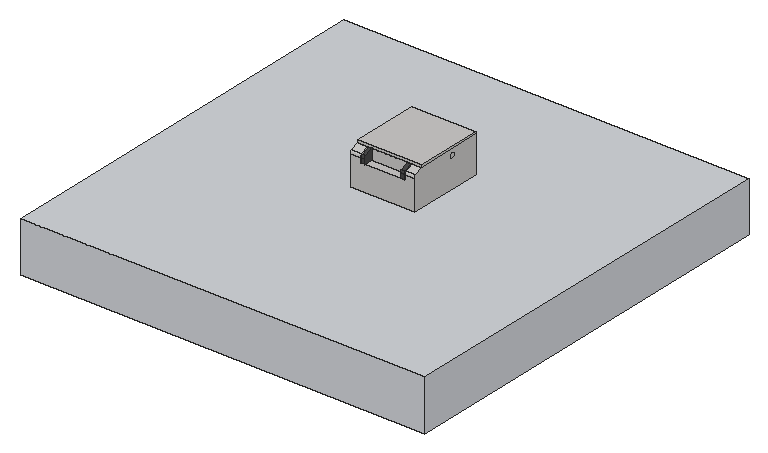
Revit family
Parameters (values of type "B-2974")
  Warranty Duration (Years) = 0
  Unit Width = 1' - 3 3/16"
  Unit Height = 1' - 6 1/4"
  Unit Depth = 0' - 9 1/16"
  URL = "http://www.bobrick.com/Pages/default.aspx"
  Test Data = ""
  Specification = ""
  SpecWizard = ""
  Send Message = "http://www.arcat.com/users.pl?action=UserEmail&company=Bobrick+Washroom+Equipment,+Inc.&coid=30988&rep=156&fax=818-503-1930&mf="
  Sales Information = "http://www.bobrick.com/Pages/ContactUs.aspx"
  Revision = "R1_10_2012"
  Product Properties = ""
  Product Data = "http://arcat.com/arcatcos/cos30/arc30988.html?isac=1&r=1"
  Mounting Height [instance] = 5' - 0"
  Model = "B-2974"
  Manufacturer Website = "http://www.bobrick.com/Pages/default.aspx"
  Manufacturer Phone - Toll Free = ""
  Manufacturer Phone = "818-764-1000"
  Manufacturer Fax = "818-503-1930"
  Manufacturer Address = "11611 Hart St. North Hollywood, CA 91605-5882"
  Manufacturer = "Bobrick Washroom Equipment, Inc."
  Maintenance Schedule (Months) = 0
  Keynote = "102813"
  Installation-Fabrication = "http://www.bobrick.com/washroomaccessories/Pages/WashroomAccessories.aspx"
  Installation Phase = ""
  Finish Material = Stainless Steel - Bobrick - Satin
  Green Building-LEED = ""
  Expected Lifespan (Years) = 0
  Drawn By = "Sumex Design, Inc. / Robert S. Weygant, CSI, CDT, SCIP"
  Description = "Bobrick B-2974 Surface Mounted Automatic Paper Towel Dispenser"
  Default Elevation = 4' - 0"
  Copyright = "©Arcat Inc."
  Construction Details = ""
  Capacity = "8\" Diameter 8\" Wide Paper Towel Roll"
  Building Codes = ""
  Assembly Code = "E1090900"
  Accessory Material = Plastic -  Bobrick - Black
  6V DC Power Supply [instance] = no
  4 D-sized Alkaline Batteries [instance] = yes
Reference planes (in)
  plane 1 "Center (Front/Back)": y = 8.60119
  plane 2: z = 0
  plane 3 "Center (Left/Right)": x = 0
  plane 4: y = 17.72619
  plane 5: y = -0.52381
  plane 6: x = -7.59375
  plane 7: x = 7.59375
  plane 8: z = 9.0625
  plane 9 "FF": y = -42.27381
Forms (in)
  Extrusion 1, solid
    sketch origin (0, 0, 0) x (1, 0, 0) y (0, 1, 0)
      loop
        line (-48, 48) -> (-48, -48) -> (48, -48) -> (48, 48) -> (-48, 48)
    from 0 to -12
  Extrusion 2, solid, material "Stainless Steel - Bobrick - Satin" <- "Finish Material"
    sketch origin (0, 0, 0) x (0, 1, 0) y (0, 0, 1)
      loop
        line (17.72619, 8.5625) -> (1.60354, 8.5625) -> (-0.17507, 7.71777)
        arc (-0.17507, 7.71777) -> (-0.42931, 7.49241) -> (-0.52381, 7.16606) r 0.61077
        line (-0.52381, 7.16606) -> (-0.52381, 0) -> (17.72619, 0) -> (17.72619, 8.5625)
    from -7.59375 to 7.59375
  Extrusion 3, solid, material "Stainless Steel - Bobrick - Satin" <- "Finish Material"
    sketch origin (0, 0, 0) x (0, 1, 0) y (0, 0, 1)
      loop
        line (17.72619, 9.0625) -> (1.60354, 9.0625) -> (1.60354, 8.5625) -> (17.72619, 8.5625) -> (17.72619, 9.0625)
    from -7.59375 to 7.59375
  Extrusion 4, void
    sketch origin (0, 0, 0) x (1, 0, 0) y (0, 1, 0)
      loop
        line (-4.21875, 1.60354) -> (-4.21875, -0.52381) -> (4.21875, -0.52381) -> (4.21875, 1.60354) -> (-4.21875, 1.60354)
    from 6.02047 to 12
  Extrusion 5, solid, material "Plastic -  Bobrick - Black" <- "Accessory Material"
    sketch origin (0, 0, 0) x (0, 1, 0) y (0, 0, 1)
      loop
        line (1.60354, 8.5625) -> (-0.17507, 7.71777)
        arc (-0.17507, 7.71777) -> (-0.42931, 7.49241) -> (-0.52381, 7.16606) r 0.61077
        line (-0.52381, 7.16606) -> (-0.52381, 6.02047) -> (1.60354, 6.02047) -> (1.60354, 8.5625)
    from -5.17187 to 5.17188
  Extrusion 6, void
    sketch origin (0, 0, 0) x (1, 0, 0) y (0, 1, 0)
      loop
        line (-5.17187, 1.60354) -> (-5.17187, -0.52381) -> (5.17188, -0.52381) -> (5.17188, 1.60354) -> (-5.17187, 1.60354)
    from 6.02047 to 12
  Extrusion 7, solid, material "Stainless Steel - Bobrick - Satin" <- "Finish Material"
    sketch origin (0, 0, 0) x (0, 1, 0) y (0, 0, 1)
      loop
        circle (10.47286, 7.37988) r 0.5
    from 7.59375 to 7.7039
Cuts and joins
  Extrusion 6 cuts Extrusion 2
  joined: Extrusion 2, Extrusion 7
  Extrusion 4, Extrusion 6 cuts Extrusion 3
  Extrusion 4 cuts Extrusion 5
Lines and regions (in)
  symbolic lines, style "SpecialityEquipmentHiddenLines"
    curve 1: line (7.59375, 17.72619, 0) -> (-7.59375, 9.66486, 0)
    curve 2: line (-7.59375, 9.66486, 0) -> (7.59375, 1.60354, 0)
Dimensions and locks (in)
  "Unit Depth": plane 8 to level
  equal spacing: plane 4, plane 1 "Center (Front/Back)", plane 5
  "Unit Height": plane 4 to plane 5
  equal spacing: plane 6, plane 3 "Center (Left/Right)", plane 7
  "Unit Width": plane 6 to plane 7
  plane 8 to Extrusion 2 sketch curve = 0' - 0 1/2"
  "Mounting Height": plane 4 to plane 9 "FF"
  aligned and locked: plane 2 to Extrusion 1
  aligned and locked: level to Extrusion 1
Automatic sketch dimensions
  Extrusion 1 sketch curve to Extrusion 1 sketch curve = 8' - 0"  (x2)
  Extrusion 2 sketch curve to plane 5 = 0' - 0"
  Extrusion 2 sketch curve to plane 4 = 0' - 0"
  Extrusion 2 sketch curve to level = 0' - 0"
  plane 5 to Extrusion 2 sketch curve = 0' - 0.34874"
  plane 5 to Extrusion 2 sketch curve = 0' - 0.61077"
  Extrusion 2 sketch curve to Extrusion 2 sketch curve = 0' - 1.7786"
  Extrusion 2 sketch curve to plane 8 = 0' - 1.89644"
  Extrusion 3 sketch curve to plane 8 = 0' - 0"
  Extrusion 3 sketch curve to plane 4 = 0' - 0"
  Extrusion 3 sketch curve to plane 8 = 0' - 0 1/2"
  plane 5 to Extrusion 3 sketch curve = 0' - 2.12735"
  plane 5 to Extrusion 5 sketch curve = 0' - 0.34874"
  Extrusion 5 sketch curve to plane 8 = 0' - 0 1/2"
  Extrusion 5 sketch curve to plane 8 = 0' - 1.34473"
  Extrusion 5 sketch curve to plane 5 = 0' - 0"
  plane 5 to Extrusion 5 sketch curve = 0' - 0.61077"
  Extrusion 5 sketch curve to Extrusion 5 sketch curve = 0' - 1.51657"
  Extrusion 5 sketch curve to Extrusion 5 sketch curve = 0' - 1.14559"
  Extrusion 4 sketch curve to plane 5 = 0' - 0"
  plane 6 to Extrusion 4 sketch curve = 0' - 3 3/8"
  Extrusion 4 sketch curve to plane 7 = 0' - 3 3/8"
  plane 5 to Extrusion 4 sketch curve = 0' - 2.12735"
  Extrusion 6 sketch curve to plane 5 = 0' - 0"
  plane 6 to Extrusion 6 sketch curve = 0' - 2 27/64"
  Extrusion 6 sketch curve to plane 7 = 0' - 2 27/64"
  plane 5 to Extrusion 6 sketch curve = 0' - 2.12735"
  Extrusion 7 sketch curve to plane 1 "Center (Front/Back)" = 0' - 1.87167"
  Extrusion 7 sketch curve to plane 8 = 0' - 1.68262"
  curve 2 to plane 6 = 0' - 0"
  curve 2 to plane 7 = 0' - 0"
  curve 1 to plane 4 = 0' - 0"
  curve 1 to plane 7 = 0' - 0"
  curve 1 to plane 1 "Center (Front/Back)" = 0' - 1.06367"
  plane 5 to curve 2 = 0' - 2.12735"
  radius of Extrusion 7 sketch curve = 0' - 0 1/2"
